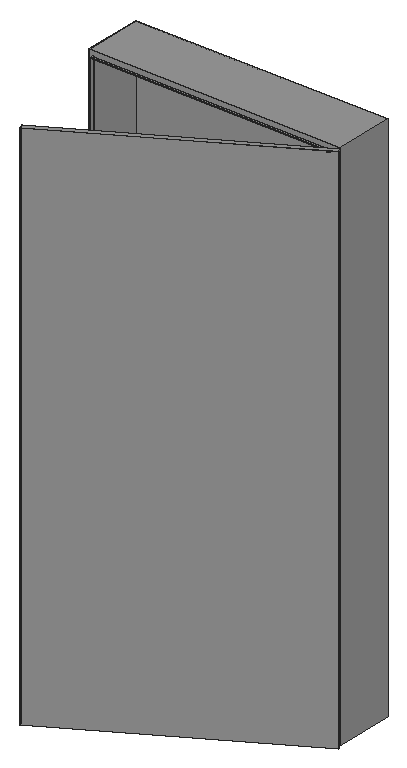
Revit family "Hager-Univers-IP54-D205-H1700-Cl.I-Encl-NoHosted-AT-de", category Equipement électrique, Revit 2020
Family settings
  Configuration du panneau = Deux colonnes, circuits au sein
  Cote de connecteur circulaire = Utiliser le diamètre
  Type d'élément = Tableau de raccordement
  Basée sur le plan de construction = Oui
  Toujours verticalement = Oui
  Couper avec des vides une fois chargée = Non
  Partagée = Non
  Point de calcul de pièce = Non
Parameters (values of type "Aufputz IP54 B800 H1700 T205  - FP13TW2")
  Width Control [instance] = if([EF000008 - Breite] > Min Width, [EF000008 - Breite], Min Width)  # 800 mm
  Commentaires du type = [HG000003 - Bereich]  # "Univers"
  Thickness Door [instance] = if([EF009171 - Materialstärke Tür/Deckel] > 3 mm, 3 mm, [EF009171 - Materialstärke Tür/Deckel])  # 1 mm
  Seal Frame Offset [instance] = 17 mm  # constant formula
  Plinth Visibility [instance] = [HG000027 - Sockelhöhe] > 0 mm  # no
  Min Width [instance] = 100 mm  # constant formula
  Min Depth [instance] = (2 * [EF009170 - Materialstärke Gehäuse]) + 1 mm  # 3 mm
  Min Height [instance] = 100 mm  # constant formula
  Internal Frame Depth [instance] = (Door System Depth * 0.5)  # 9 mm
  Panel Name [instance] = ""  # (empty or 0)
  Model = ""
  HG000027 - Sockelhöhe = 0 mm
  HG000026 - Stehend auf dem Boden = no
  HG000024 - Höhe des unteren Teils = 600 mm
  HG000023 - Gehäuse mit doppeltem Querschnitt = no
  HG000016 - 3D-Türsichtbarkeit [instance] = yes
  HG000015 - Sichtbarkeit der Türöffnung [instance] = no
  HG000014 - Tür rechts [instance] = yes
  HG000013 - Tür links [instance] = not([HG000014 - Tür rechts])  # no
  HG000012 - Türschwenkwinkel [instance] = 30.00°
  HG000010 - Asymmetrische Türen = no
  HG000009 - Doppelflügeligen Tür = no
  HG000006 - Unterputz = no
  HG000004 - Herstellerreferenz = "FP13TW2"
  HG000003 - Bereich = "Univers"
  HG000002 - Mit tür = yes
  Frame Offset Bottom [instance] = 10 mm  # constant formula
  Frame Offset [instance] = 15 mm  # constant formula
  EF015940 - Deckel mit Überdruckentlastung = no
  EF011959 - Schutzart (NEMA) = ""
  EF009554 - Anzahl der Öffnungen für Flanschplatten = 6
  EF009212 - Ausführung Deckel = "EV000116 - geschlossen"
  EF009171 - Materialstärke Tür/Deckel = 1 mm
  EF009170 - Materialstärke Gehäuse = 1 mm
  EF008873 - Nennstrom (In) = 400 A
  EF007800 - Geeignet für Blitzschutz = no
  EF006306 - Mit Schloss = no
  EF006244 - Transparenter Deckel/Tür = no
  EF005474 - Schutzart (IP) = "EV006419 - IP54"
  EF004464 - Art der Tür = "EV002646 - Einzel"
  EF004427 - Anzahl der Module = 396
  EF004293 - Schlagfestigkeit = "EV006815 - IK09"
  EF003532 - Geeignet für Außengebrauch = no
  EF002950 - Breite in Teilungseinheiten = 36
  EF001613 - Funktionserhalt = "EV000494 - ohne"
  EF001596 - Werkstoff des Gehäuses = "EV000179 - Stahl"
  EF001131 - Innentiefe = 205 mm
  EF001088 - Anbaumöglichkeit = yes
  EF000437 - Anzahl der Leitungseinführungen = 6
  EF000339 - Art der Abdeckung = "EV001012 - Deckel"
  EF000266 - Anzahl der Reihen = 11
  EF000218 - Einbautiefe = 205 mm
  EF000118 - Mit Montageplatte = no
  EF000116 - RAL-Nummer = "9010"
  EF000049 - Tiefe = 205 mm
  EF000040 - Höhe = 1700 mm
  EF000008 - Breite = 800 mm
  EF000007 - Farbe = "EV000202 - weiß"
  EF000003 - Montageart = "EV000384 - Aufputz"
  Door System Leaf Tolerance [instance] = 1.5 mm  # constant formula
  Door System Depth [instance] = 18 mm  # constant formula
  Door Height [instance] = Height Control - [HG000027 - Sockelhöhe]  # 1700 mm
  Description = ""
  Default Elevation = 1219.2 mm
  Connector Offset [instance] = Height Control / 2  # 850 mm
  Fabricant = "Hager"  # constant formula
  Height Control [instance] = if([EF000040 - Höhe] > Min Height, [EF000040 - Höhe], Min Height)  # 1700 mm
  Depth Control [instance] = if([EF000049 - Tiefe] > Min Depth, [EF000049 - Tiefe], Min Depth)  # 205 mm
  Bottom Top Plate Trim [instance] = 1.5 mm  # constant formula
  Plinth height Ctrl [instance] = if([HG000027 - Sockelhöhe] > 0 mm, [HG000027 - Sockelhöhe], 12 mm)  # 12 mm
Types (3, lengths in mm): name | Width Control | HG000004 - Herstellerreferenz | EF009554 - Anzahl der Öffnungen für Flanschplatten | EF008873 - Nennstrom (In) | EF004464 - Art der Tür | EF004427 - Anzahl der Module | EF002950 - Breite in Teilungseinheiten | EF000437 - Anzahl der Leitungseinführungen | EF000008 - Breite
  Aufputz IP54 B1300 H1700 T205  - FP15TW2 | 1300 | "FP15TW2" | 10 | 400 A | "EV003602 - Doppel" | 660 | 60 | 10 | 1300
  Aufputz IP54 B300 H1700 T205  - FP11TW2 | 300 | "FP11TW2" | 2 | 250 A | "EV002646 - Einzel" | 132 | 12 | 2 | 300
  Aufputz IP54 B800 H1700 T205  - FP13TW2 | 800 | "FP13TW2" | 6 | 400 A | "EV002646 - Einzel" | 396 | 36 | 6 | 800
Reference planes
  plane 1 "Center (Front/Back)": y = 0
  plane 2: z = 0
  plane 3 "Center (Left/Right)": x = 0
  plane 4: y = 0
  plane 5: y = 0
  plane 6: z = 0
  plane 7: x = -400
  plane 8: x = 400
  plane 9: x = 399
  plane 10: x = -399
  plane 11: z = 0
  plane 12: z = 1
  plane 13: y = -205
  plane 14: y = -1
  plane 15: x = 0
  plane 16: y = -187
  plane 17: y = -204
  plane 18: y = -186
  plane 19: x = -384
  plane 20: x = 384
  plane 21: z = 11
  plane 22: x = -383
  plane 23: x = 383
  plane 24: z = 0
  plane 25: z = 1700
  plane 26: z = 1700
  plane 27: z = 1684
  plane 28: z = 1699
Forms (mm)
  Extrusion 1, solid, material "Hager_Steel_RAL7035_Light_Grey", detail levels medium+fine
    sketch origin (-208.679, -4572, 0) x (-1, 0, 0) y (0, -1, 0)
      loop
        line (191.321, -4385) -> (-608.679, -4385) -> (-608.679, -4572) -> (191.321, -4572) -> (191.321, -4385)
    from 0 to 1700
  Extrusion 2, void
    sketch origin (-350.771, -205, 1219.2) x (1, 0, 0) y (0, 0, 1)
      loop
        line (-48.229, 479.8) -> (-48.229, -1218.2) -> (749.771, -1218.2) -> (749.771, 479.8) -> (-48.229, 479.8)
    from -19 to -204
  Extrusion 3, void
    sketch origin (-290.084, -187, 1219.2) x (1, 0, 0) y (0, 0, 1)
      loop
        line (-93.916, -1208.2) -> (674.084, -1208.2) -> (674.084, 464.8) -> (-93.916, 464.8) -> (-93.916, -1208.2)
    from 0 to -1
  Extrusion 4, solid, material "Hager_Steel_RAL7035_Light_Grey", visible <- "Plinth Visibility", detail levels medium+fine
    sketch origin (0, 0, 0) x (1, 0, 0) y (0, 1, 0)
      loop
        line (-400, 0) -> (-400, -187) -> (400, -187) -> (400, 0) -> (-400, 0)
    from 0 to 12 <- "Plinth height Ctrl"
  Extrusion 5, solid, material "Hager_Steel_RAL7035_Light_Grey", detail levels coarse
    sketch origin (0, 0, 0) x (1, 0, 0) y (0, 1, 0)
      loop
        line (-400, 0) -> (-400, -205) -> (400, -205) -> (400, 0) -> (-400, 0)
    from 0 to 1700 <- "Height Control"
  Sweep 6, void
    path in 3D
      loop
        line (-400, -187, 12) -> (400, -187, 12) -> (400, 0, 12) -> (-400, 0, 12) -> (-400, -187, 12)
    profile origin (-400, -93.5, 12) x (1, 0, 0) y (0, 0, 1)
      loop
        line (0, 0) -> (0, -1.5) -> (1.5, -1.5)
        arc (1.5, -1.5) -> (1.061, -0.439) -> (0, 0) r 1.5
  Extrusion 7, solid, material "Hager_Steel_RAL7035_Light_Grey", detail levels fine
    sketch origin (-400, -187, 0) x (1, 0, 0) y (0, 0, 1)
      loop
        line (16, 11) -> (784, 11) -> (784, 1684) -> (16, 1684) -> (16, 11)
      loop
        line (15, 10) -> (785, 10) -> (785, 1685) -> (15, 1685) -> (15, 10)
    from 0 to 9 <- "Internal Frame Depth"
Cuts and joins
  Extrusion 2, Extrusion 3 cuts Extrusion 1
  Sweep 6 cuts Extrusion 4
Lines and regions (mm)
  Masking region 1
    outline origin (0, 0, 0) x (1, 0, 0) y (0, 1, 0)
      loop
        line (-400, 0) -> (-400, -205) -> (400, -205) -> (400, 0) -> (-400, 0)
  Masking region 2, detail levels coarse
    outline origin (-290.084, -187, 1219.2) x (-1, 0, 0) y (0, 0, 1)
      loop
        line (-690.084, -1219.2) -> (109.916, -1219.2) -> (109.916, 480.8) -> (-690.084, 480.8) -> (-690.084, -1219.2)
  Masking region 3, detail levels coarse
    outline origin (0, 0, 0) x (0, 1, 0) y (0, 0, 1)
      loop
        line (0, 0) -> (0, 1700) -> (-205, 1700) -> (-205, 0) -> (0, 0)
  Masking region 4, visible <- "Plinth Visibility", detail levels medium+fine
    outline origin (0, 0, 0) x (0, 1, 0) y (0, 0, 1)
      loop
        line (-1.5, 12) -> (-185.5, 12)
        arc (-185.5, 12) -> (-185.939, 10.939) -> (-187, 10.5) r 1.5
        line (-187, 10.5) -> (-187, 0) -> (0, 0) -> (0, 10.5)
        arc (0, 10.5) -> (-1.061, 10.939) -> (-1.5, 12) r 1.5
  Masking region 5, detail levels medium+fine
    outline origin (0, 0, 594.038) x (0, 1, 0) y (0, 0, 1)
      loop
        line (0, -594.038) -> (0, 1105.962) -> (-187, 1105.962) -> (-187, -594.038) -> (0, -594.038)
  Masking region 6, detail levels medium+fine
    outline origin (-359.7, -187, 1211.883) x (-1, 0, 0) y (0, 0, 1)
      loop
        line (-759.7, -1211.883) -> (40.3, -1211.883) -> (40.3, 488.117) -> (-759.7, 488.117) -> (-759.7, -1211.883)
  Masking region 7, visible <- "Plinth Visibility", detail levels medium+fine
    outline origin (-320.334, -187, 1041.368) x (-1, 0, 0) y (0, 0, 1)
      loop
        line (-720.334, -1041.368) -> (79.666, -1041.368) -> (79.666, -1030.868)
        arc (79.666, -1030.868) -> (78.606, -1030.429) -> (78.166, -1029.368) r 1.5
        line (78.166, -1029.368) -> (-718.834, -1029.368)
        arc (-718.834, -1029.368) -> (-719.273, -1030.429) -> (-720.334, -1030.868) r 1.5
        line (-720.334, -1030.868) -> (-720.334, -1041.368)
  sketch lines
    curve 1: line (-400, 0, 12) -> (-400, -187, 12)
    curve 2: line (-400, -187, 12) -> (400, -187, 12)
    curve 3: line (400, 0, 12) -> (-400, 0, 12)
    curve 4: line (400, -187, 12) -> (400, 0, 12)
Dimensions and locks
  locked: plane 1 "Center (Front/Back)" to plane 5
  "EF009170 - Materialstärke Gehäuse": plane 7 to plane 10
  "EF009170 - Materialstärke Gehäuse": plane 8 to plane 9
  equal spacing: plane 7, plane 3 "Center (Left/Right)", plane 8
  "Width Control": plane 7 to plane 8
  "Depth Control": plane 4 to plane 13
  "EF009170 - Materialstärke Gehäuse": plane 4 to plane 14
  "Height Control": plane 25 to level
  "HG000027 - Sockelhöhe": plane 11 to level
  "EF009170 - Materialstärke Gehäuse": plane 12 to plane 11
  "EF009170 - Materialstärke Gehäuse": plane 17 to plane 13
  "EF009170 - Materialstärke Gehäuse": plane 18 to plane 16
  "Frame Offset Bottom": plane 21 to plane 12
  "Frame Offset": plane 10 to plane 19
  "Frame Offset": plane 9 to plane 20
  "Door System Depth": plane 16 to plane 13
  "Seal Frame Offset": plane 7 to plane 22
  "Seal Frame Offset": plane 8 to plane 23
  "EF009170 - Materialstärke Gehäuse": plane 26 to plane 28
  "Frame Offset": plane 28 to plane 27
  "Connector Offset": plane 2 to connector elem
  "Bottom Top Plate Trim": profile plane to Sweep 6 sketch curve
  "Bottom Top Plate Trim": Sweep 6 sketch curve to Sweep 6 sketch curve
  "Plinth height Ctrl": Masking region 4 sketch curve to level
  "Plinth height Ctrl": Masking region 7 sketch curve to level
  "Thickness Door": Extrusion 7 sketch curve to Extrusion 7 sketch curve  (x4)
  "Bottom Top Plate Trim": radius of Sweep 6 sketch curve
  "Bottom Top Plate Trim": radius of Masking region 4 sketch curve  (x2)
  "Bottom Top Plate Trim": radius of Masking region 7 sketch curve  (x2)
  aligned and locked: Extrusion 2 sketch curve to plane 12
  aligned and locked: Extrusion 2 sketch curve to plane 9
  aligned and locked: Extrusion 2 sketch curve to plane 10
  aligned and locked: Extrusion 2 to plane 14
  aligned and locked: Extrusion 1 sketch curve to plane 4
  aligned and locked: plane 8 to Extrusion 1 sketch curve
  aligned and locked: plane 7 to Extrusion 1 sketch curve
  aligned and locked: Extrusion 2 to plane 18
  aligned and locked: Extrusion 3 sketch curve to plane 19
  aligned and locked: plane 20 to Extrusion 3 sketch curve
  aligned and locked: Extrusion 3 to Extrusion 2
  aligned and locked: Extrusion 3 sketch curve to plane 21
  aligned and locked: plane 3 "Center (Left/Right)" to nested 1
  aligned and locked: Extrusion 1 sketch curve to plane 16
  aligned and locked: Extrusion 4 sketch curve to cut or joined group of Extrusion 1, Extrusion 2, Extrusion 3
  aligned and locked: Masking region 1 sketch curve to plane 7
  aligned and locked: Masking region 1 sketch curve to plane 5
  aligned and locked: Masking region 1 sketch curve to plane 8
  aligned and locked: Masking region 2 sketch curve to level
  aligned and locked: level to Masking region 3 sketch curve
  aligned and locked: plane 1 "Center (Front/Back)" to Masking region 3 sketch curve
  aligned and locked: plane 13 to Masking region 3 sketch curve
  aligned and locked: plane 5 to Masking region 4 sketch curve
  aligned and locked: Masking region 2 sketch curve to plane 8
  aligned and locked: Masking region 2 sketch curve to plane 7
  aligned and locked: plane 7 to nested 2
  aligned and locked: nested 2 to plane 5
  aligned and locked: plane 5 to Masking region 5 sketch curve
  aligned and locked: plane 26 to Masking region 5 sketch curve
  aligned and locked: Extrusion 5 sketch curve to plane 8
  aligned and locked: Extrusion 5 sketch curve to plane 7
  aligned and locked: Extrusion 5 sketch curve to plane 5
  aligned and locked: Extrusion 3 sketch curve to plane 27
  aligned and locked: Extrusion 2 sketch curve to plane 28
  aligned and locked: Masking region 2 to plane 25
  aligned and locked: Extrusion 4 to plane 16
  aligned and locked: profile plane to Sweep 6 sketch curve
  aligned and locked: Masking region 5 sketch curve to plane 24
  aligned and locked: level to Masking region 4 sketch curve
  aligned and locked: Masking region 1 to plane 13
  aligned and locked: nested 1 to plane 16
  aligned and locked: Masking region 3 to plane 25
  aligned and locked: plane 16 to Masking region 4 sketch curve
  aligned and locked: Masking region 5 sketch curve to plane 16
  aligned and locked: plane 24 to plane 11
  aligned and locked: plane 26 to plane 25
  aligned and locked: plane 26 to cut or joined group of Extrusion 1, Extrusion 2, Extrusion 3
  aligned and locked: nested 1 to plane 24
  aligned and locked: Extrusion 1 to Extrusion 3
  aligned and locked: Masking region 6 sketch curve to plane 8
  aligned and locked: Masking region 6 sketch curve to plane 24
  aligned and locked: Masking region 6 sketch curve to plane 7
  aligned and locked: Masking region 6 sketch curve to plane 26
  aligned and locked: Masking region 7 sketch curve to plane 7
  aligned and locked: level to Masking region 7 sketch curve
  aligned and locked: Masking region 7 sketch curve to plane 8
  aligned and locked: Extrusion 7 sketch curve to cut or joined group of Extrusion 1, Extrusion 2, Extrusion 3  (x4)
Automatic sketch dimensions
  plane 19 to Extrusion 3 sketch curve = 0 mm
  Extrusion 3 sketch curve to plane 20 = 0 mm
  Extrusion 3 sketch curve to plane 21 = 0 mm
  Extrusion 4 sketch curve to plane 7 = 0 mm
  Extrusion 4 sketch curve to plane 8 = 0 mm
  Extrusion 4 sketch curve to plane 16 = 0 mm
  Masking region 1 sketch curve to plane 13 = 0 mm
  Masking region 2 sketch curve to plane 25 = 0 mm
  Masking region 3 sketch curve to plane 25 = 0 mm
  Extrusion 5 sketch curve to plane 13 = 0 mm
  profile plane to Sweep 6 sketch curve = 0 mm
Nested families
  nested 1: "EC000058_Univers_Door" at (0, -187, 0), Double <- "HG000009 - Doppelflügeligen Tür", Transparent <- "EF006244 - Transparenter Deckel/Tür", Angle <- "HG000012 - Türschwenkwinkel", Door_Right <- "HG000014 - Tür rechts", Assymetrical <- "HG000010 - Asymmetrische Türen", Door <- "HG000002 - Mit tür", Width_Ctrl <- "Width Control", 3d_Door <- "HG000016 - 3D-Türsichtbarkeit", Clearance <- "HG000015 - Sichtbarkeit der Türöffnung", Door_Left <- "HG000013 - Tür links", Width <- "Width Control", Door_Depth <- "Door System Depth", Leaf_Tolerance <- "Door System Leaf Tolerance", Height <- "Door Height", Lock_Visibility <- "EF006306 - Mit Schloss", Thickness <- "Thickness Door", type "EC000058_Univers_Door", detail levels medium+fine
    with min_wh 3 mm, Width_Ctrl 800 mm, Width 800 mm, Transparent no, Thickness 1 mm, Seal_Material Hager_Rubber, Lock_Visibility no, Lock_Material Hager_Plastic_RAL9005_Jet_Black, Leaf_Width 800 mm, Leaf_Tolerance_External_Sides 0 mm, Leaf_Tolerance 1.5 mm, Leaf_Offset 0 mm, Leaf_Height 1697 mm, Leaf_2_Width 800 mm, Leaf_2_Offset 400 mm, Leaf_1_Width 800 mm, Leaf_1_Offset 400 mm, Height_Ctrl 1700 mm, Height 1700 mm, Glass_Material Hager_Glass, Double_Clearance_Ctrl no, Double no, Door_Right_Ctrl yes, Door_Right yes, Door_Material Hager_Steel_RAL7035_Light_Grey, Door_Left_Ctrl no, Door_Left no, Door_Depth 18 mm, Door yes, Clearance_Material Hager_Clearance, Clearance_Depth 800 mm, Clearance_Ctrl no, Clearance no, Assymetrical no, Angle 30.00°, 3d_Door yes
  nested 2: "Hager_Enclosure_Symbol" at (-400, 0, 0), Height <- "Depth Control", Width <- "Width Control", type "Hager_Enclosure_Symbol"
    with Width_Ctrl 800 mm, Width 800 mm, Height_Ctrl 205 mm, Height 205 mm, A_Width_Int 13.453 mm, A_Width 161.438 mm, A_Height_Ctrl 179.375 mm, A_Height 179.375 mm
Connectors
  electrical at (0, 0, 850)
    settings: on plane 1 "Center (Front/Back)", index 1, voltage 0 V, apparent load 0 VA, apparent load phase1 0 VA, apparent load phase2 0 VA, apparent load phase3 0 VA, power factor 1, load classification "Other", number of poles 1, system type 30, power factor state 1, is connector primary yes, connector utility no, sub classification motor no, connector description ""
Definition of nested family "EC000058_Univers_Door"
  Parameters (values of type "EC000058_Univers_Door")
    min_wh [instance] = (2 * Thickness) + 1 mm  # 11 mm
    Width_Ctrl [instance] = 400 mm
    Width [instance] = 500 mm
    Transparent [instance] = yes
    Thickness [instance] = 5 mm
    Seal_Material [instance] = none
    Lock_Visibility [instance] = yes
    Lock_Material [instance] = none
    Leaf_Width [instance] = if((Width_Ctrl - 2 * Leaf_Tolerance_External_Sides) > 0 mm, (Width_Ctrl - 2 * Leaf_Tolerance_External_Sides), min_wh)  # 400 mm
    Leaf_Tolerance_External_Sides [instance] = 0 mm  # constant formula
    Leaf_Tolerance [instance] = 1.5 mm
    Leaf_Offset [instance] = 0 mm  # constant formula
    Leaf_Height [instance] = if((Height_Ctrl - 2 * Leaf_Tolerance) > 0 mm, (Height_Ctrl - 2 * Leaf_Tolerance), min_wh)  # 497 mm
    Leaf_2_Width [instance] = if(and(and(Double, Assymetrical), Door_Left), (Leaf_Width / 3) - (Leaf_Tolerance / 2), if(and(and(Double, Assymetrical), Door_Right), (Leaf_Width / 3) * 2 - (Leaf_Tolerance / 2), if(and(Double, not(Assymetrical)), (Leaf_Width / 2) - Leaf_Tolerance, Leaf_Width)))  # 400 mm
    Leaf_2_Offset [instance] = if(and(Double, Assymetrical), Leaf_2_Width / 2, if(and(Double, not(Assymetrical)), Leaf_Width / 4, Leaf_Width / 2))  # 200 mm
    Leaf_1_Width [instance] = if(and(and(Double, Assymetrical), Door_Right), (Leaf_Width / 3) - (Leaf_Tolerance / 2), if(and(and(Double, Assymetrical), Door_Left), (Width / 3) * 2 - (Leaf_Tolerance / 2), if(and(Double, not(Assymetrical)), (Leaf_Width / 2) - Leaf_Tolerance, Leaf_Width)))  # 400 mm
    Leaf_1_Offset [instance] = if(and(Double, Assymetrical), Leaf_1_Width / 2, if(and(Double, not(Assymetrical)), Leaf_Width / 4, Leaf_Width / 2))  # 200 mm
    Height_Ctrl [instance] = if(Height > min_wh, Height, min_wh)  # 500 mm
    Height [instance] = 500 mm
    Glass_Material [instance] = none
    Double_Clearance_Ctrl [instance] = and(Double, Clearance)  # no
    Double [instance] = no
    Door_Right_Ctrl [instance] = and(or(Door_Right, Double), Door)  # yes
    Door_Right [instance] = yes
    Door_Material [instance] = none
    Door_Left_Ctrl [instance] = and(or(Door_Left, Double), Door)  # no
    Door_Left [instance] = no
    Door_Depth [instance] = 30 mm
    Door [instance] = yes
    Default Elevation = 1219.2 mm
    Clearance_Material [instance] = none
    Clearance_Depth [instance] = if(Leaf_1_Width > Leaf_2_Width, Leaf_1_Width, Leaf_2_Width)  # 400 mm
    Clearance_Ctrl [instance] = and(not(Double), Clearance)  # yes
    Clearance [instance] = yes
    Assymetrical [instance] = yes
    Angle [instance] = 30.00°
    3d_Door [instance] = yes
  Reference planes
    plane 1 "Center (Front/Back)": y = 0
    plane 2 "Bottom": z = 0
    plane 3 "Center (Left/Right)": x = 0
    plane 4: z = 500
    plane 5: x = -200
    plane 6: x = 200
    plane 7: z = 500
    plane 8: x = -200
    plane 9: z = 0
    plane 10: x = 200
    plane 11: y = 0
    plane 12: z = 1.5
    plane 13: x = -600
    plane 14: y = -400
    plane 15: x = 600
    plane 16: x = 0
    plane 17: x = 0
    plane 18: x = -200
    plane 19: x = 200
    plane 20: z = 498.5
  Forms (mm)
    Extrusion 1, solid, material <- "Clearance_Material", visible <- "Double_Clearance_Ctrl"
      sketch origin (1200, 0, 0) x (1, 0, 0) y (0, 0, -1)
        loop
          line (-1800, -498.5) -> (-600, -498.5) -> (-600, 0) -> (-1800, 0) -> (-1800, -498.5)
      from 0 to -400
  Dimensions and locks
    equal spacing: plane 5, plane 3 "Center (Left/Right)", plane 6
    "Width_Ctrl": plane 5 to plane 6
    "Leaf_Offset": plane 5 to plane 8
    "Leaf_Offset": plane 6 to plane 10
    "Leaf_Offset": plane 9 to level
    "Leaf_Offset": plane 4 to plane 7
    "Height_Ctrl": plane 4 to level
    "Leaf_Tolerance": plane 12 to plane 9
    locked: plane 11 to plane 1 "Center (Front/Back)"
    "Leaf_1_Offset": plane 18 to plane 16
    "Leaf_2_Offset": plane 17 to plane 19
    "Leaf_1_Width": plane 13 to plane 8
    "Leaf_2_Width": plane 10 to plane 15
    "Clearance_Depth": plane 14 to plane 1 "Center (Front/Back)"
    "Leaf_Tolerance_External_Sides": plane 8 to plane 18
    "Leaf_Tolerance_External_Sides": plane 19 to plane 10
    "Leaf_Tolerance": plane 7 to plane 20
    aligned and locked: level to plane 2 "Bottom"
    aligned and locked: nested 1 to plane 16
    aligned and locked: nested 2 to plane 17
    aligned and locked: Extrusion 1 to plane 13
    aligned and locked: plane 15 to Extrusion 1
    aligned and locked: Extrusion 1 to plane 14
    aligned and locked: plane 12 to nested 1
    aligned and locked: nested 2 to plane 12
    aligned and locked: Extrusion 1 to plane 11
    aligned and locked: plane 20 to Extrusion 1
    aligned and locked: nested 2 to plane 11
    aligned and locked: nested 1 to plane 11
  Automatic sketch dimensions
    Extrusion 1 sketch curve to level = 0 mm
    plane 5 to Extrusion 1 sketch curve = 400 mm
    plane 6 to Extrusion 1 sketch curve = 400 mm
    Extrusion 1 sketch curve to plane 4 = 1.5 mm
  Nested families
    nested 1: "EC000058_Univers_Door_Leaf" at (0, 0, 1.5), Width <- "Leaf_1_Width", visible <- "Door_Left_Ctrl", Leaf_Height <- "Leaf_Height", Angle <- "Angle", 3d_Door <- "3d_Door", Transparent <- "Transparent", Clearance Material <- "Clearance_Material", Clearance <- "Clearance_Ctrl", Door_Material <- "Door_Material", Glass_Material <- "Glass_Material", Door_Depth <- "Door_Depth", Lock_Material <- "Lock_Material", Seal_Material <- "Seal_Material", Lock_Visibility <- "Lock_Visibility", Thickness <- "Thickness", type "EC000058_Univers_Door_Leaf"
      with Width 400 mm, Transparent_Glass_Offset 30 mm, Transparent_Ctrl yes, Transparent yes, Thickness 5 mm, Standard no, Seal_Material none, Seal_D2 8 mm, Seal_D1 1 mm, Offset_Internal_Frame 10 mm, Lock_Width 20 mm, Lock_Visibility_3d yes, Lock_Visibility yes, Lock_Thickness_3 3 mm, Lock_Thickness_2 1 mm, Lock_Thickness_1 3 mm, Lock_Radius_Offset_2 16 mm, Lock_Radius_Offset_1 15 mm, Lock_Radius_2 5 mm, Lock_Radius 6 mm, Lock_Offset 5 mm, Lock_Material none, Lock_Height 80 mm, Lock_Cover_Top_Offset_2d 17 mm, Lock_Cover_Height -65 mm, Leaf_Height 497 mm, Internal_Seal_Thickness 8 mm, Internal_Seal_Depth_2 4.5 mm, Internal_Frame_Depth 25 mm, Glass_Thickness -1 mm, Glass_Offset -2 mm, Glass_Material none, Door_Material none, Door_Depth 30 mm, Clearance Material none, Clearance yes, Angle_Ctrl 30.00°, Angle 30.00°, 3d_Door yes
    nested 2: "EC000058_Univers_Door_Leaf" at (0, 0, 1.5) x (-1, 0, 0) z (0, 0, 1), Width <- "Leaf_2_Width", visible <- "Door_Right_Ctrl", Leaf_Height <- "Leaf_Height", Angle <- "Angle", 3d_Door <- "3d_Door", Transparent <- "Transparent", Clearance Material <- "Clearance_Material", Clearance <- "Clearance_Ctrl", Door_Material <- "Door_Material", Glass_Material <- "Glass_Material", Door_Depth <- "Door_Depth", Lock_Material <- "Lock_Material", Seal_Material <- "Seal_Material", Lock_Visibility <- "Lock_Visibility", Thickness <- "Thickness", type "EC000058_Univers_Door_Leaf"
      with Width 400 mm, Transparent_Glass_Offset 30 mm, Transparent_Ctrl yes, Transparent yes, Thickness 5 mm, Standard no, Seal_Material none, Seal_D2 8 mm, Seal_D1 1 mm, Offset_Internal_Frame 10 mm, Lock_Width 20 mm, Lock_Visibility_3d yes, Lock_Visibility yes, Lock_Thickness_3 3 mm, Lock_Thickness_2 1 mm, Lock_Thickness_1 3 mm, Lock_Radius_Offset_2 16 mm, Lock_Radius_Offset_1 15 mm, Lock_Radius_2 5 mm, Lock_Radius 6 mm, Lock_Offset 5 mm, Lock_Material none, Lock_Height 80 mm, Lock_Cover_Top_Offset_2d 17 mm, Lock_Cover_Height -65 mm, Leaf_Height 497 mm, Internal_Seal_Thickness 8 mm, Internal_Seal_Depth_2 4.5 mm, Internal_Frame_Depth 25 mm, Glass_Thickness -1 mm, Glass_Offset -2 mm, Glass_Material none, Door_Material none, Door_Depth 30 mm, Clearance Material none, Clearance yes, Angle_Ctrl 30.00°, Angle 30.00°, 3d_Door yes
  Definition of nested family "EC000058_Univers_Door_Leaf"
    Parameters (values of type "EC000058_Univers_Door_Leaf")
      Width [instance] = 2000 mm
      Transparent_Glass_Offset [instance] = 30 mm
      Transparent_Ctrl [instance] = and(Transparent, [3d_Door])  # yes
      Transparent [instance] = yes
      Thickness [instance] = 5 mm
      Standard [instance] = and(not(Transparent), [3d_Door])  # no
      Seal_Material [instance] = none
      Seal_D2 [instance] = 8 mm  # constant formula
      Seal_D1 [instance] = 1 mm  # constant formula
      Offset_Internal_Frame [instance] = 10 mm  # constant formula
      Lock_Width [instance] = 20 mm  # constant formula
      Lock_Visibility_3d [instance] = and(Lock_Visibility, [3d_Door])  # yes
      Lock_Visibility [instance] = yes
      Lock_Thickness_3 [instance] = 3 mm  # constant formula
      Lock_Thickness_2 [instance] = 1 mm  # constant formula
      Lock_Thickness_1 [instance] = 3 mm  # constant formula
      Lock_Radius_Offset_2 [instance] = Lock_Radius_Offset_1 + 1 mm  # 16 mm
      Lock_Radius_Offset_1 [instance] = 15 mm  # constant formula
      Lock_Radius_2 [instance] = Lock_Radius - 1 mm  # 5 mm
      Lock_Radius [instance] = 6 mm  # constant formula
      Lock_Offset [instance] = 5 mm  # constant formula
      Lock_Material [instance] = none
      Lock_Height [instance] = 80 mm  # constant formula
      Lock_Cover_Top_Offset_2d [instance] = Lock_Radius_Offset_2 + 1 mm  # 17 mm
      Lock_Cover_Height [instance] = -(Lock_Height - Lock_Radius_Offset_1)  # -65 mm
      Leaf_Height [instance] = 2720.336 mm
      Internal_Seal_Thickness [instance] = 8 mm  # constant formula
      Internal_Seal_Depth_2 [instance] = 4.5 mm  # constant formula
      Internal_Frame_Depth [instance] = if(Door_Depth - Thickness > 5 mm, Door_Depth - Thickness, 5 mm)  # 25 mm
      Glass_Thickness [instance] = if(Thickness > 15 mm, Glass_Offset + 10 mm, -1 mm)  # -1 mm
      Glass_Offset [instance] = if(Thickness > 15 mm, -(Thickness + 10 mm) / 2, -2 mm)  # -2 mm
      Glass_Material [instance] = none
      Door_Material [instance] = none
      Door_Depth [instance] = 30 mm
      Default Elevation = 0 mm
      Clearance Material [instance] = none
      Clearance [instance] = yes
      Angle_Ctrl [instance] = if(Angle > 180.00°, 180.00°, Angle)  # 90.00°
      Angle [instance] = 90.00°
      3d_Door [instance] = yes
    Reference planes
      plane 1 "Center (Front/Back)": y = 0
      plane 2: z = 0
      plane 3 "Center (Left/Right)": x = 0
      plane 4: y = 2000
      plane 5: x = -1000
      plane 6: x = 1000
      plane 7: x = -3000
      plane 8: z = 2720.336
      plane 9: z = 30
      plane 10: z = 2690.336
      plane 11: x = 970
      plane 12: x = -970
      plane 13: y = -3
      plane 14: z = 107.833
      plane 15: y = -5
      plane 16: y = -223.314
      plane 17: x = -1000
      plane 18: z = 1360.168
      plane 19: y = 30
    Forms (mm)
      Extrusion 1, solid, material <- "Clearance Material", visible <- "Clearance"
        sketch origin (0, 0, 0) x (1, 0, 0) y (0, 0, 1)
          loop
            line (-3000, 2720.336) -> (-3000, 0) -> (1000, 0) -> (1000, 2720.336) -> (-3000, 2720.336)
        from 0 to -2000
      Extrusion 2, solid, material <- "Door_Material", visible <- "Standard", detail levels medium+fine
        sketch origin (-1000, 0, 0) x (0, 1, 0) y (-1, 0, 0)
          loop
            line (0, 30) -> (0, 25) -> (2000, 25) -> (2000, 30) -> (0, 30)
        from 0 to 2720.336 <- "Leaf_Height"
      Extrusion 3, solid, material <- "Door_Material", visible <- "Transparent_Ctrl", detail levels medium+fine
        sketch origin (-1000, 0, 0) x (0, 1, 0) y (-1, 0, 0)
          loop
            line (0, 25) -> (2000, 25) -> (2000, 30) -> (0, 30) -> (0, 25)
        from 0 to 2720.336 <- "Leaf_Height"
      Extrusion 4, void
        sketch origin (-1025, 2000, 0) x (0, 1, 0) y (0, 0, -1)
          loop
            line (-30, -2690.336) -> (-30, -30) -> (-1970, -30) -> (-1970, -2690.336) -> (-30, -2690.336)
        from 0 to 5 <- "Thickness"
      Sweep 5, solid, material <- "Seal_Material", visible <- "Transparent_Ctrl", detail levels fine
        path in 3D
          loop
            line (-1025, 30, 30) -> (-1025, 30, 2690.336) -> (-1025, 1970, 2690.336) -> (-1025, 1970, 30) -> (-1025, 30, 30)
        profile origin (-1025, 1000, 30) x (1, 0, 0) y (0, 0, 1)
          loop
            line (0, 0) -> (0, -8) -> (1, -8) -> (1, 0) -> (0, 0)
      Extrusion 6, solid, material <- "Glass_Material", visible <- "Transparent_Ctrl", detail levels medium+fine
        sketch origin (-1030, 0, 0) x (0, 1, 0) y (0, 0, -1)
          loop
            line (1970, -2690.336) -> (1970, -30) -> (30, -30) -> (30, -2690.336) -> (1970, -2690.336)
        from -2 <- "Glass_Offset" to -1 <- "Glass_Thickness"
      Extrusion 7, solid, material <- "Door_Material", visible <- "3d_Door", detail levels medium+fine
        sketch origin (-1025, 2000, 0) x (0, -1, 0) y (0, 0, -1)
          loop
            line (0, -2720.336) -> (2000, -2720.336) -> (2000, 0) -> (0, 0) -> (0, -2720.336)
          loop
            line (1995, -5) -> (5, -5) -> (5, -2715.336) -> (1995, -2715.336) -> (1995, -5)
        from 0 to 25 <- "Internal_Frame_Depth"
      Sweep 8, solid, material <- "Seal_Material", visible <- "Transparent_Ctrl", detail levels fine
        path in 3D
          loop
            line (-1025, 0, 0) -> (-1025, 2000, 0) -> (-1025, 2000, 2720.336) -> (-1025, 0, 2720.336) -> (-1025, 0, 0)
        profile origin (-1025, 0, 1360.168) x (1, 0, 0) y (0, 1, 0)
          loop
            line (0, 10) -> (2.975, 10)
            arc (2.975, 10) -> (4.053, 10.447) -> (4.5, 11.525) r 1.525
            line (4.5, 11.525) -> (4.5, 16.527)
            arc (4.5, 16.527) -> (4.069, 17.569) -> (3.027, 18) r 1.473
            line (3.027, 18) -> (0, 18) -> (0, 10)
      Extrusion 9, solid, material <- "Lock_Material", visible <- "Lock_Visibility_3d", detail levels fine
        sketch origin (-1030, 0, 0) x (0, 1, 0) y (0, 0, -1)
          loop
            arc (1993.5, -1400.168) -> (1994.561, -1399.729) -> (1995, -1398.668) r 1.5
            line (1995, -1398.668) -> (1995, -1320.168) -> (1975, -1320.168) -> (1975, -1398.668)
            arc (1975, -1398.668) -> (1975.439, -1399.729) -> (1976.5, -1400.168) r 1.5
            line (1976.5, -1400.168) -> (1993.5, -1400.168)
        from 3 <- "Lock_Thickness_1" to 0
      Blend 10, solid, material <- "Lock_Material", visible <- "Lock_Visibility_3d", detail levels fine
        base sketch origin (-1033, 0, 0) x (0, 1, 0) y (0, 0, -1)
          loop
            line (1975, -1320.168) -> (1975, -1398.668)
            arc (1975, -1398.668) -> (1975.439, -1399.729) -> (1976.5, -1400.168) r 1.5
            line (1976.5, -1400.168) -> (1993.5, -1400.168)
            arc (1993.5, -1400.168) -> (1994.561, -1399.729) -> (1995, -1398.668) r 1.5
            line (1995, -1398.668) -> (1995, -1320.168) -> (1975, -1320.168)
        top sketch origin (-1033, 0, 0) x (0, 1, 0) y (0, 0, -1)
          loop
            line (1976, -1320.168) -> (1976, -1398.668)
            arc (1976, -1398.668) -> (1976.146, -1399.022) -> (1976.5, -1399.168) r 0.5
            line (1976.5, -1399.168) -> (1993.5, -1399.168)
            arc (1993.5, -1399.168) -> (1993.854, -1399.022) -> (1994, -1398.668) r 0.5
            line (1994, -1398.668) -> (1994, -1320.168) -> (1976, -1320.168)
        from 0 to 1 <- "Lock_Thickness_2"
      Blend 11, solid, material <- "Lock_Material", visible <- "Lock_Visibility_3d", detail levels fine
        base sketch origin (-1034, 0, 0) x (0, 1, 0) y (0, 0, -1)
          loop
            line (1978, -1320.168) -> (1978, -1384.168)
            arc (1978, -1384.168) -> (1985, -1391.168) -> (1992, -1384.168) r 7
            line (1992, -1384.168) -> (1992, -1320.168) -> (1978, -1320.168)
        top sketch origin (-1034, 0, 0) x (0, 1, 0) y (0, 0, -1)
          loop
            line (1991, -1320.168) -> (1979, -1320.168) -> (1979, -1383.168)
            arc (1979, -1383.168) -> (1985, -1389.168) -> (1991, -1383.168) r 6
            line (1991, -1383.168) -> (1991, -1320.168)
        from 0 to 3 <- "Lock_Thickness_3"
      Extrusion 12, solid, material <- "Lock_Material", visible <- "Lock_Visibility_3d", detail levels fine
        sketch origin (-1030, 1975, 1320.168) x (1, 0, 0) y (0, -1, 0)
          loop
            line (-7, -19) -> (-7, -1) -> (0, -1) -> (0, 0) -> (-8, 0) -> (-8, -20) -> (0, -20) -> (0, -19) -> (-7, -19)
        from 0 to -65 <- "Lock_Cover_Height"
      Extrusion 13, void
        sketch origin (-1038, 1995, 1320.168) x (-1, 0, 0) y (0, 0, -1)
          loop
            line (-5, -65) -> (0, -65) -> (-5, -60) -> (-5, -65)
        from 0 to 20 <- "Lock_Width"
      Extrusion 14, void
        sketch origin (-1038, 1975, 1320.168) x (0, -1, 0) y (0, 0, -1)
          loop
            circle (-10, -15.995) r 6
          loop
            circle (-10, -15.995) r 5
        from 0 to 2
      Extrusion 15, solid, material <- "Lock_Material", visible <- "Lock_Visibility_3d", detail levels medium
        sketch origin (-1030, 0, 0) x (0, 1, 0) y (0, 0, -1)
          loop
            arc (1993.5, -1400.168) -> (1994.561, -1399.729) -> (1995, -1398.668) r 1.5
            line (1995, -1398.668) -> (1995, -1320.168) -> (1975, -1320.168) -> (1975, -1398.668)
            arc (1975, -1398.668) -> (1975.439, -1399.729) -> (1976.5, -1400.168) r 1.5
            line (1976.5, -1400.168) -> (1993.5, -1400.168)
        from 8 to 0
    Cuts and joins
      Extrusion 4 cuts Extrusion 3
      Extrusion 13, Extrusion 14 cuts Extrusion 9
      Extrusion 14 cuts Blend 11
      Extrusion 13, Extrusion 14 cuts Extrusion 12
      joined: Extrusion 9, Blend 10, Blend 11, Extrusion 12
      Extrusion 14 cuts Extrusion 15
    Lines and regions (mm)
      Masking region 1, visible <- "Lock_Visibility", detail levels fine
        outline origin (0, 0, 0) x (0, 1, 0) y (0, 0, 1)
          loop
            line (30, 1320.168) -> (33, 1320.168) -> (33, 1400.168) -> (30, 1400.168) -> (30, 1320.168)
      Masking region 2, visible <- "Lock_Visibility", detail levels fine
        outline origin (0, 3.143, 0) x (0, 1, 0) y (0, 0, 1)
          loop
            line (29.857, 1354.168) -> (30.857, 1354.168) -> (30.857, 1366.168) -> (29.857, 1366.168) -> (29.857, 1354.168)
      Masking region 3, detail levels medium+fine
        outline origin (0, 0, 0) x (0, 1, 0) y (0, 0, 1)
          loop
            line (0, 0) -> (30, 0) -> (30, 2720.336) -> (0, 2720.336) -> (0, 0)
      Masking region 4, detail levels medium+fine
        outline origin (0, 0, 0) x (1, 0, 0) y (0, 0, 1)
          loop
            line (-1000, 2720.336) -> (-1000, 0) -> (1000, 0) -> (1000, 2720.336) -> (-1000, 2720.336)
      Masking region 5, visible <- "Lock_Visibility", detail levels fine
        outline origin (-47.116, 0, 0) x (1, 0, 0) y (0, 0, 1)
          loop
            arc (1024.616, 1399.168) -> (1023.556, 1398.729) -> (1023.116, 1397.668) r 1.5
            line (1023.116, 1397.668) -> (1023.116, 1320.168) -> (1041.116, 1320.168) -> (1041.116, 1397.668)
            arc (1041.116, 1397.668) -> (1040.677, 1398.729) -> (1039.616, 1399.168) r 1.5
            line (1039.616, 1399.168) -> (1024.616, 1399.168)
      Masking region 6, visible <- "Lock_Visibility", detail levels medium+fine
        outline origin (-25, 0, 0) x (1, 0, 0) y (0, 0, 1)
          loop
            arc (1001.5, 1400.168) -> (1000.439, 1399.729) -> (1000, 1398.668) r 1.5
            line (1000, 1398.668) -> (1000, 1320.168) -> (1020, 1320.168) -> (1020, 1398.668)
            arc (1020, 1398.668) -> (1019.561, 1399.729) -> (1018.5, 1400.168) r 1.5
            line (1018.5, 1400.168) -> (1001.5, 1400.168)
      Masking region 7, visible <- "Lock_Visibility", detail levels fine
        outline origin (-73.735, 0, 0) x (1, 0, 0) y (0, 0, 1)
          loop
            line (1051.735, 1382.168) -> (1065.735, 1382.168) -> (1065.735, 1384.168)
            arc (1065.735, 1384.168) -> (1058.735, 1391.168) -> (1051.735, 1384.168) r 7
            line (1051.735, 1384.168) -> (1051.735, 1382.168)
      Masking region 8, visible <- "Lock_Visibility", detail levels fine
        outline origin (-73.735, 0, 0) x (1, 0, 0) y (0, 0, 1)
          loop
            line (1052.735, 1382.168) -> (1064.735, 1382.168) -> (1064.735, 1383.168)
            arc (1064.735, 1383.168) -> (1058.735, 1389.168) -> (1052.735, 1383.168) r 6
            line (1052.735, 1383.168) -> (1052.735, 1382.168)
      Masking region 9, visible <- "Lock_Visibility", detail levels fine
        outline origin (-25, 0, 0) x (1, 0, 0) y (0, 0, 1)
          loop
            line (1020, 1320.168) -> (1020, 1382.168) -> (1000, 1382.168) -> (1000, 1320.168) -> (1020, 1320.168)
      Masking region 10, detail levels medium+fine
        outline origin (0, 0, 0) x (1, 0, 0) y (0, 0, 1)
          loop
            circle (985, 1335.144) r 6
      Masking region 11, detail levels fine
        outline origin (0, 0, 0) x (1, 0, 0) y (0, 0, 1)
          loop
            circle (985, 1335.144) r 5
      Masking region 12, visible <- "Lock_Visibility", detail levels fine
        outline origin (0, 12.767, 0) x (0, 1, 0) y (0, 0, 1)
          loop
            line (20.233, 1320.168) -> (21.233, 1320.168) -> (21.233, 1399.168) -> (20.233, 1400.168) -> (20.233, 1320.168)
      Masking region 13, visible <- "Lock_Visibility", detail levels fine
        outline origin (0, 13.767, -10) x (0, 1, 0) y (0, 0, 1)
          loop
            line (20.233, 1330.168) -> (23.233, 1330.168) -> (23.233, 1399.168) -> (20.233, 1402.168) -> (20.233, 1330.168)
      Masking region 14, visible <- "Lock_Visibility", detail levels fine
        outline origin (0, 12.767, -10) x (0, 1, 0) y (0, 0, 1)
          loop
            line (20.233, 1330.168) -> (25.233, 1330.168) -> (25.233, 1399.305) -> (20.233, 1394.305) -> (20.233, 1330.168)
      Masking region 15, visible <- "Lock_Visibility", detail levels medium
        outline origin (0, 0, 0) x (0, 1, 0) y (0, 0, 1)
          loop
            line (30, 1320.168) -> (38, 1320.168) -> (38, 1400.168) -> (30, 1400.168) -> (30, 1320.168)
      Masking region 16, visible <- "Lock_Visibility", detail levels fine
        outline origin (-1000, 0, 0) x (0, 1, 0) y (-1, 0, 0)
          loop
            line (1975, 30) -> (1995, 30) -> (1995, 38) -> (1975, 38) -> (1975, 30)
          loop
            line (1979, 37) -> (1976, 37) -> (1976, 34) -> (1978, 34) -> (1979, 37)
          loop
            line (1994, 37) -> (1991, 37) -> (1992, 34) -> (1994, 34) -> (1994, 37)
      Masking region 17, visible <- "Lock_Visibility", detail levels medium
        outline origin (-1000, 0, 0) x (0, 1, 0) y (-1, 0, 0)
          loop
            line (1975, 30) -> (1995, 30) -> (1995, 38) -> (1975, 38) -> (1975, 30)
      symbolic lines
        curve 1: line (1000, 0, 0) -> (-3000, 0, 0)
        curve 2: arc (1000, 0, 0) -> (-1000, 2000, 0) -> (-3000, 0, 0) r 2000
        curve 4: line (-1030, 0, 0) -> (-1030, 2000, 0)
      reference lines
        curve 3: line (-1000, 0, 0) -> (-1000, 2000, 0)
      symbolic lines, detail levels medium+fine
        curve 5: line (-1030, 2000, 0) -> (-1025, 2000, 0)
        curve 7: line (-1025, 0, 0) -> (-1030, 0, 0)
        curve 8: line (-1025, 0, 0) -> (-1000, 0, 0)
        curve 9: line (-1000, 0, 0) -> (-1000, 2000, 0)
        curve 10: line (-1000, 2000, 0) -> (-1025, 2000, 0)
      symbolic lines, detail levels fine
        curve 6: line (-1025, 2000, 0) -> (-1025, 0, 0)
      sketch lines
        curve 11: line (-1025, 0, 2720.336) -> (-1025, 0, 0)
        curve 12: line (-1025, 2000, 0) -> (-1025, 0, 0)
        curve 13: line (-1025, 2000, 2720.336) -> (-1025, 2000, 0)
        curve 14: line (-1025, 0, 2720.336) -> (-1025, 2000, 2720.336)
        curve 15: line (-1025, 1970, 30) -> (-1025, 30, 30)
        curve 16: line (-1025, 30, 30) -> (-1025, 30, 2690.336)
        curve 17: line (-1025, 1970, 2690.336) -> (-1025, 1970, 30)
        curve 18: line (-1025, 30, 2690.336) -> (-1025, 1970, 2690.336)
      symbolic lines, visible <- "Transparent", detail levels medium+fine
        curve 19: line (-970, 0, 2690.336) -> (970, 0, 2690.336)
        curve 20: line (-970, 0, 30) -> (-970, 0, 2690.336)
        curve 21: line (970, 0, 30) -> (-970, 0, 30)
        curve 22: line (970, 0, 2690.336) -> (970, 0, 30)
    Dimensions and locks
      "Width": plane 1 "Center (Front/Back)" to plane 4
      equal spacing: plane 5, plane 3 "Center (Left/Right)", plane 6
      "Width": plane 5 to plane 6
      "Width": plane 7 to plane 5
      "Leaf_Height": plane 8 to level
      "Width": curve 5 to curve 3
      "Width": curve 3 to curve 3
      plane 8 to plane 10 = 30 mm
      plane 9 to level = 30 mm
      plane 12 to plane 5 = 30 mm
      plane 6 to plane 11 = 30 mm
      Extrusion 1 to Extrusion 4 sketch curve = 30 mm
      "Transparent_Glass_Offset": curve 3 to Extrusion 4 sketch curve
      "Transparent_Glass_Offset": Extrusion 4 sketch curve to cut or joined group of Extrusion 3, Extrusion 4  (x2)
      cut or joined group of Extrusion 3, Extrusion 4 to Extrusion 6 sketch curve = 30 mm
      "Transparent_Glass_Offset": cut or joined group of Extrusion 3, Extrusion 4 to Extrusion 4 sketch curve
      "Thickness": curve 6 to curve 4
      "Thickness": Extrusion 7 sketch curve to Extrusion 7 sketch curve  (x4)
      "Door_Depth": curve 4 to curve 3
      "Offset_Internal_Frame": profile plane to Sweep 8 sketch curve
      "Internal_Seal_Thickness": Sweep 8 sketch curve to Sweep 8 sketch curve
      "Internal_Seal_Depth_2": profile plane to Sweep 8 sketch curve
      "Seal_D1": profile plane to Sweep 5 sketch curve
      "Seal_D2": profile plane to Sweep 5 sketch curve
      "Thickness": Extrusion 2 sketch curve to Extrusion 2 sketch curve
      equal spacing: Extrusion 9 sketch curve, plane 18, Extrusion 9 sketch curve  (x2)
      equal spacing: Masking region 1 sketch curve, plane 18, Masking region 1 sketch curve
      "Lock_Height": Masking region 1 sketch curve to Masking region 1 sketch curve
      "Lock_Radius": Masking region 2 sketch curve to plane 18 to Masking region 2 sketch curve
      Masking region 2 sketch curve to Masking region 1 = 1 mm
      "Door_Depth": plane 19 to plane 1 "Center (Front/Back)"
      "Lock_Thickness_1": Masking region 1 sketch curve to plane 19
      "Lock_Width": Extrusion 9 sketch curve to Extrusion 9 sketch curve
      "Lock_Height": Extrusion 9 sketch curve to Extrusion 9 sketch curve
      "Lock_Offset": cut or joined group of Extrusion 3, Extrusion 4 to Extrusion 9 sketch curve
      equal spacing: plane 8, plane 18, level
      "Lock_Radius_Offset_1": Blend 11 sketch curve to Blend 10
      locked: Blend 10 to Blend 11 sketch curve at 2  (x2)
      locked: var sketch to Blend 11 sketch curve at 1  (x2)
      "Lock_Radius_Offset_2": Blend 11 sketch curve to Blend 10
      locked: Extrusion 12 sketch curve to Extrusion 12 sketch curve at 1  (x3)
      Masking region 6 sketch curve to Masking region 6 sketch curve = 80 mm
      "Lock_Height": Masking region 6 sketch curve to Masking region 6 sketch curve
      "Lock_Width": Masking region 6 sketch curve to Masking region 6 sketch curve
      locked: Masking region 6 to Masking region 5 sketch curve at 1  (x3)
      locked: Masking region 5 to Masking region 7 sketch curve at 2  (x2)
      "Lock_Radius_Offset_1": Masking region 5 to Masking region 7 sketch curve
      "Lock_Radius_Offset_2": Masking region 5 to Masking region 8 sketch curve
      locked: Masking region 7 to Masking region 8 sketch curve at 1  (x2)
      "Lock_Cover_Top_Offset_2d": Masking region 5 to Masking region 9 sketch curve
      equal spacing: Masking region 9, Masking region 10 sketch curve, Masking region 9
      equal spacing: Masking region 9, Masking region 11 sketch curve, Masking region 9
      Extrusion 15 sketch curve to Extrusion 15 sketch curve = 80 mm
      "Lock_Width": Extrusion 15 sketch curve to Extrusion 15 sketch curve
      "Lock_Height": Extrusion 15 sketch curve to Extrusion 15 sketch curve
      equal spacing: Extrusion 15 sketch curve, plane 18, Extrusion 15 sketch curve
      "Lock_Thickness_3": Masking region 13 sketch curve to Masking region 13 sketch curve
      "Lock_Height": Masking region 12 sketch curve to Masking region 12 sketch curve
      locked: Masking region 13 sketch curve to Masking region 1 at 8
      locked: Masking region 14 sketch curve to Masking region 13 at 1
      locked: Masking region 14 sketch curve to Masking region 1 at 10.863
      "Lock_Height": Masking region 15 sketch curve to Masking region 15 sketch curve
      "Lock_Offset": Extrusion 15 sketch curve to cut or joined group of Extrusion 3, Extrusion 4
      "Lock_Offset": plane 6 to Masking region 6 sketch curve
      radius of Sweep 8 sketch curve = 1.525 mm
      radius of Sweep 8 sketch curve = 1.473 mm
      radius of Extrusion 9 sketch curve = 1.5 mm  (x2)
      "Lock_Radius": radius of Extrusion 14 sketch curve
      "Lock_Radius_2": radius of Extrusion 14 sketch curve
      "Lock_Radius": radius of Masking region 10 sketch curve
      "Lock_Radius_2": radius of Masking region 11 sketch curve
      radius of Extrusion 15 sketch curve = 1.5 mm  (x2)
      "Angle_Ctrl": angle plane 1 "Center (Front/Back)" to curve 3
      locked: Masking region 12 sketch curve to Masking region 12 sketch curve (angle 45.00°)
      locked: Masking region 13 sketch curve to Masking region 13 sketch curve (angle 45.00°)
      locked: Masking region 14 sketch curve to Masking region 14 sketch curve (angle 45.00°)
      aligned and locked: level to plane 2
      aligned and locked: Extrusion 1 to curve 1
      aligned and locked: plane 6 to Extrusion 1
      aligned and locked: Extrusion 1 to plane 1 "Center (Front/Back)"
      aligned and locked: plane 4 to Extrusion 1
      aligned and locked: plane 8 to Extrusion 1
      aligned and locked: curve 7 to Extrusion 2 sketch curve
      aligned and locked: curve 5 to Extrusion 2 sketch curve
      aligned and locked: curve 7 to Extrusion 3 sketch curve
      aligned and locked: Extrusion 3 sketch curve to curve 4
      aligned and locked: Extrusion 3 sketch curve to curve 6
      aligned and locked: Extrusion 3 sketch curve to curve 5
      aligned and locked: curve 9 to curve 3
      aligned and locked: Extrusion 7 sketch curve to cut or joined group of Extrusion 3, Extrusion 4  (x4)
      aligned and locked: plane 17 to curve 3
      aligned and locked: plane 1 "Center (Front/Back)" to curve 3
      aligned and locked: plane 17 to plane 5
      aligned and locked: Sweep 8 sketch curve to profile plane
      aligned and locked: Sweep 5 sketch curve to profile plane  (x2)
      aligned and locked: Masking region 1 to Masking region 2 sketch curve
      aligned and locked: plane 19 to Masking region 1 sketch curve
      aligned and locked: plane 1 "Center (Front/Back)" to Masking region 3 sketch curve
      aligned and locked: plane 19 to Masking region 3 sketch curve
      aligned and locked: level to Masking region 3 sketch curve
      aligned and locked: Masking region 3 sketch curve to plane 8
      aligned and locked: plane 17 to Masking region 4 sketch curve
      aligned and locked: level to Masking region 4 sketch curve
      aligned and locked: Masking region 4 sketch curve to plane 8
      aligned and locked: plane 12 to curve 20
      aligned and locked: plane 10 to curve 19
      aligned and locked: plane 11 to curve 22
      aligned and locked: curve 21 to plane 9
      aligned and locked: Extrusion 2 sketch curve to cut or joined group of Extrusion 3, Extrusion 4
      aligned and locked: Blend 10 sketch curve to Extrusion 9  (x4)
      aligned and locked: Extrusion 9 to Blend 10 sketch curve
      aligned and locked: Blend 10 to Blend 11 sketch curve
      aligned and locked: Extrusion 12 sketch curve to Blend 11
      aligned and locked: Extrusion 12 sketch curve to Extrusion 9  (x4)
      aligned and locked: Masking region 5 sketch curve to Masking region 6
      aligned and locked: Masking region 9 sketch curve to Masking region 6  (x3)
      aligned and locked: Masking region 12 sketch curve to Masking region 1
      aligned and locked: Masking region 13 sketch curve to Masking region 1
      aligned and locked: Masking region 12 to Masking region 14
      aligned and locked: Masking region 14 sketch curve to Masking region 1
      aligned and locked: Masking region 15 sketch curve to Masking region 14
      aligned and locked: Masking region 13 sketch curve to Masking region 12
      aligned and locked: Masking region 16 sketch curve to cut or joined group of Extrusion 14, Extrusion 15  (x4)
      aligned and locked: Masking region 16 sketch curve to cut or joined group of Extrusion 9, Blend 10, Blend 11, Extrusion 12, Extrusion 13, Extrusion 14  (x6)
      aligned and locked: cut or joined group of Extrusion 9, Blend 10, Blend 11, Extrusion 12, Extrusion 13, Extrusion 14 to Masking region 16 sketch curve
      aligned and locked: Masking region 17 sketch curve to cut or joined group of Extrusion 14, Extrusion 15  (x3)
      aligned and locked: Masking region 17 sketch curve to cut or joined group of Extrusion 9, Blend 10, Blend 11, Extrusion 12, Extrusion 13, Extrusion 14
      aligned and locked: Masking region 9 to Masking region 8 sketch curve
      aligned and locked: Masking region 9 to Masking region 7 sketch curve
    Automatic sketch dimensions
      plane 1 "Center (Front/Back)" to curve 2 = 0 mm
      curve 2 to plane 5 = 0 mm
      Extrusion 1 sketch curve to level = 0 mm
      Extrusion 1 sketch curve to plane 7 = 0 mm
      Extrusion 1 sketch curve to plane 6 = 0 mm
      Extrusion 1 sketch curve to plane 8 = 0 mm
      Extrusion 3 to Extrusion 6 sketch curve = 30 mm  (x4)
      Masking region 4 sketch curve to plane 6 = 0 mm
      Blend 10 sketch curve to Extrusion 9 = 1.5 mm
      Blend 10 sketch curve to Extrusion 9 = 1 mm
      Extrusion 13 sketch curve to Extrusion 12 = 0 mm  (x2)
      Extrusion 12 to Extrusion 13 sketch curve = 3 mm
      Extrusion 13 sketch curve to Extrusion 12 = 5 mm
      Extrusion 14 sketch curve to Extrusion 14 sketch curve = 0 mm  (x2)
      Extrusion 14 sketch curve to Extrusion 12 = 10 mm
      Extrusion 14 sketch curve to Extrusion 12 = 15.995 mm
      Masking region 5 sketch curve to Masking region 5 sketch curve = 1.5 mm  (x2)
      Masking region 10 sketch curve to plane 18 = 25.024 mm
      Masking region 11 sketch curve to plane 18 = 25.024 mm
      plane 19 to Masking region 14 sketch curve = 3 mm
      Masking region 16 sketch curve to Masking region 16 sketch curve = 3 mm
      curve 4 to curve 3 = 0 mm
      Blend 10 to Blend 11 sketch curve = 0 mm
      Masking region 6 sketch curve to Masking region 6 sketch curve = 1.5 mm  (x2)
      Masking region 6 sketch curve to plane 18 = 40 mm
      plane 19 to Masking region 12 sketch curve = 3 mm
      Masking region 12 sketch curve to Masking region 12 sketch curve = 1 mm
      Masking region 15 sketch curve to plane 19 = 0 mm
      Masking region 15 sketch curve to plane 18 = 40 mm
      radius of Blend 10 sketch curve to Extrusion 9 = 1 mm
Definition of nested family "Hager_Enclosure_Symbol"
  Parameters (values of type "Hager_Enclosure_Symbol")
    Width_Ctrl [instance] = if(Width > 1 mm, Width, 1 mm)  # 102.27 mm
    Width [instance] = 102.27 mm
    Height_Ctrl [instance] = if(Height > 1 mm, Height, 1 mm)  # 66.5 mm
    A_Width_Int [instance] = if(A_Width / 12 > 2 mm, A_Width / 12, 2 mm)  # 4.364 mm
    A_Width [instance] = if(A_Height_Ctrl * 0.9 > 2 mm, A_Height_Ctrl * 0.9, 2 mm)  # 52.369 mm
    A_Height_Ctrl [instance] = if(A_Height > 2 mm, A_Height, 2 mm)  # 58.188 mm
    Height [instance] = 66.5 mm
    A_Height [instance] = Height - (Height / 8)  # 58.188 mm
  Reference planes
    plane 1 "Centre (avant/arrière)": y = 0
    plane 2: z = 0
    plane 3 "Centre (gauche/droite)": x = 0
    plane 4: x = 52.369
    plane 5: y = 33.042
    plane 6: y = 41.77
    plane 7: y = 66.5
    plane 8: x = 26.184
    plane 9: y = 37.406
    plane 10: x = 102.27
    plane 11: y = 66.5
    plane 12: y = 8.313
  Lines and regions (mm)
    Filled region 1, type "Solid_Black", in view "Niveau de réf."
      outline origin (0, 0, 0) x (1, 0, 0) y (0, 1, 0)
        loop
          line (52.369, 66.5) -> (33.188, 54.536) -> (45.365, 45.006) -> (52.369, 66.5)
    Filled region 2, type "Solid_Black", in view "Niveau de réf."
      outline origin (0, 0, 0) x (1, 0, 0) y (0, 1, 0)
        loop
          line (0, 0) -> (102.27, 0) -> (102.27, 66.5) -> (0, 0)
    detail lines, in view "Niveau de réf."
      curve 1: line (0, 8.313, 0) -> (26.184, 41.77, 0)
      curve 2: line (26.184, 41.77, 0) -> (26.184, 33.042, 0)
      curve 3: line (26.184, 33.042, 0) -> (52.369, 66.5, 0)
  Dimensions and locks
    "A_Width": plane 3 "Centre (gauche/droite)" to plane 4
    equal spacing: plane 3 "Centre (gauche/droite)", plane 8, plane 4
    equal spacing: plane 6, plane 9, plane 5
    equal spacing: curve 3, Filled region 1 sketch curve, Filled region 1 sketch curve
    "Height_Ctrl": plane 1 "Centre (avant/arrière)" to plane 11
    "A_Height_Ctrl": plane 11 to plane 12
    equal spacing: plane 11, plane 9, plane 12
    "A_Width_Int": plane 6 to plane 9
    "Width_Ctrl": plane 3 "Centre (gauche/droite)" to plane 10
    angle Filled region 1 sketch curve to curve 3 = 20.00°
    angle curve 3 to Filled region 1 sketch curve = 20.00°
    locked: curve 3 to Filled region 1 sketch curve (angle 90.00°)
    aligned and locked: plane 10 to Filled region 2
    aligned and locked: plane 11 to Filled region 2 sketch curve
    aligned and locked: plane 10 to Filled region 2 sketch curve
    aligned and locked: plane 3 "Centre (gauche/droite)" to curve 1
    aligned and locked: plane 12 to curve 1
    aligned and locked: plane 7 to plane 11
  Automatic sketch dimensions
    Filled region 1 sketch curve to plane 4 = 0 mm
    Filled region 1 sketch curve to plane 7 = 0 mm
    plane 1 "Centre (avant/arrière)" to Filled region 2 sketch curve = 0 mm
    Filled region 2 sketch curve to plane 3 "Centre (gauche/droite)" = 0 mm
    curve 2 to plane 6 = 0 mm
    curve 2 to plane 8 = 0 mm
    curve 3 to plane 4 = 0 mm
    curve 2 to plane 5 = 0 mm
    curve 3 to plane 7 = 0 mm
